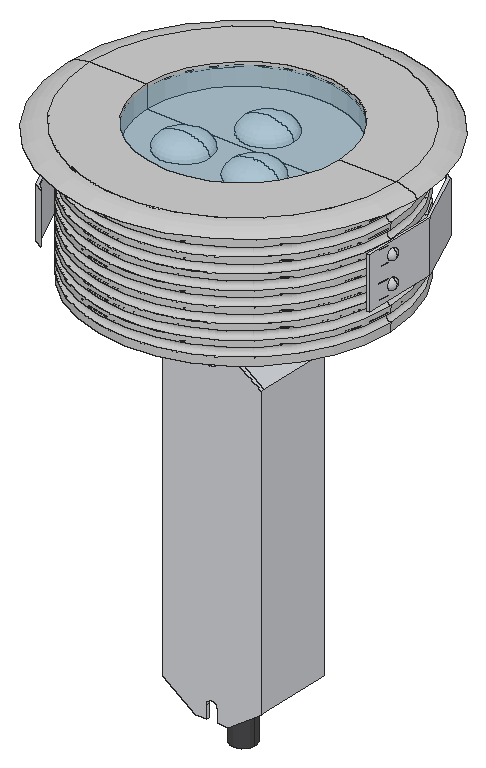
Revit family "SLIM INGROUND 6W SIMETRICO_LKB0326WW.15", category Luminarias, Revit 2019
Family settings
  Cota de conector redondo = Diámetro de uso
  Tipo de pieza = Normal
  Se basa en plano de trabajo = Sí
  Siempre vertical = No
  Corte con vacíos al cargar = No
  Origen de luz = Sí
  Compartido = No
  Punto de cálculo de habitación = No
Parameters (values of type "EMP_LKB0326WW.15")
  Ángulo de inclinación = 30.00°
  Ángulo de enfoque = 15.00°
  Ángulo de campo de foco = 15.00°
  Zone [instance] = ""
  Watt per fixture = 6.2
  Wattage = 6.2 W
  built-in parameter 1150107 = 3000 (stored number, unit not read)
  built-in parameter 1150110 = 1 (stored number, unit not read)
  built-in parameter 1150109 = 1 (stored number, unit not read)
  built-in parameter 1150112 = 1 (stored number, unit not read)
  built-in parameter 1150113 = 1 (stored number, unit not read)
  built-in parameter 1114218 = 1 (stored number, unit not read)
  Keynote = ""
  built-in parameter 1150137 = (empty or 0)
  built-in parameter 1150132 = (empty or 0)
  Modelo = "LKB0326WW.15"
  Lámpara = "OSRAM"
  Longitud de símbolo de origen de luz = 500 mm
  built-in parameter 1150105 = 10001.4 (stored number, unit not read)
  built-in parameter 1150102 = (empty or 0)
  built-in parameter 1150106 = 100.01 (stored number, unit not read)
  Lumens = 387.996 lm
  Color Filter = 16777215
  built-in parameter 1114217 = 1 (stored number, unit not read)
  built-in parameter 1150139 = (empty or 0)
  Fabricante = "BRILLANT"
  Default Elevation = 0 mm
  built-in parameter 1150104 = 5.8139 (stored number, unit not read)
  Descripción = "LUMINARIA TIPO CIRCULAR PARA EMPOTRAR EN PISO CON CUERPO DE ALUMINIO FUNDIDO A PRESION CUBIERTO CON POLVO GRIS OSCURO, CON CUBIERTA DE ACERO INOXIDABLE Y VIDRIO TEMPLADO DE 8MM, CON 116MM DE DIAMETRO Y 38MM DE PROFUNDIDAD, INSTALACION EMPOTRABLE EN PISO CON POCO ESPACIO, USO PARA INTERIORES COMO EXTERIORES CON IP 67, CUENTA CON 3 LED TIPO OSRAM CON UNA POTENCIA TOTAL DE 6.2W, A UNA TEMPERATURA EN BLANCO CALIDO 3000K CON 388 LUMENES, 89mA EN CORRIENTE DE OPERACIÓN, IK08, IRC 80, DISPONIBLE PARA ATENUAR EN TRIAC, APERTURA A 15 GRADOS POR PROYECTO, FUENTE REMOTA (INCLUIDA) CON 97MM DE LARGO POR 25MM DE ALTO POR 33MM DE ANCHO, ALIMENTADA A 100-240V."
  built-in parameter 1150115 = 1 (stored number, unit not read)
  built-in parameter 1150114 = 1 (stored number, unit not read)
  Comentarios de vataje = "100-240V"
  built-in parameter 1150138 = (empty or 0)
  built-in parameter 1150134 = (empty or 0)
  Circuit [instance] = ""
  Dimming Lamp Color Temperature Shift = (empty or 0)
  built-in parameter 1150133 = 10 (stored number, unit not read)
Reference planes
  plane 1 "Centro (Frontal/Posterior)": y = 0
  plane 2: z = 0
  plane 3 "Centro (Izquierda/Derecha)": x = 0
  plane 4: z = -38
  plane 5: z = -43
Forms (mm)
  Revolve 1, solid, material "Acero Inoxidable"
    sketch origin (0, 0, 0) x (1, 0, 0) y (0, 0, 1)
      loop
        line (-32.356, 2.379) -> (-51.186, 2.379)
        arc (-51.186, 2.379) -> (-54.974, 1.769) -> (-58.379, 0) r 12.065
        line (-58.379, 0) -> (-49.379, 0) -> (-49.379, -7.422)
        arc (-49.379, -7.422) -> (-47.881, -8.92) -> (-49.379, -10.419) r 1.499
        line (-49.379, -10.419) -> (-49.379, -12.422)
        arc (-49.379, -12.422) -> (-47.881, -13.92) -> (-49.379, -15.419) r 1.499
        line (-49.379, -15.419) -> (-49.379, -17.422)
        arc (-49.379, -17.422) -> (-47.881, -18.92) -> (-49.379, -20.419) r 1.499
        line (-49.379, -20.419) -> (-49.379, -22.422)
        arc (-49.379, -22.422) -> (-47.881, -23.92) -> (-49.379, -25.419) r 1.499
        line (-49.379, -25.419) -> (-49.379, -27.422)
        arc (-49.379, -27.422) -> (-47.881, -28.92) -> (-49.379, -30.419) r 1.499
        line (-49.379, -30.419) -> (-49.379, -32.422)
        arc (-49.379, -32.422) -> (-47.881, -33.92) -> (-49.379, -35.419) r 1.499
        line (-49.379, -35.419) -> (-49.379, -37.422)
        arc (-49.379, -37.422) -> (-47.881, -38.92) -> (-49.379, -40.419) r 1.499
        line (-49.379, -40.419) -> (-49.379, -43) -> (0, -43) -> (0, -5.045) -> (-32.356, -5.045) -> (-32.356, 2.379)
      axis (0, 2.379) -> (0, -43)
    angle from 0 to 360
  Extrusion 2, solid, material "Cristal"
    sketch origin (0, 0, 0) x (1, 0, 0) y (0, 1, 0)
      loop
        circle (0, 0) r 32.356
    from 0.921 to 1.499
  Revolve 3, solid
    sketch origin (93.878, -10.202, -77.173) x (-1, 0, 0) y (0, 0, 1)
      loop
        line (105.714, 77.128) -> (105.714, 72.128) -> (114.371, 72.128)
        spline (114.371, 72.128) -> (114.297, 72.781) -> (114.076, 73.422) -> (113.712, 74.042) -> (113.211, 74.628) -> (112.582, 75.172) -> (111.835, 75.664) -> (110.984, 76.095) -> (110.043, 76.458) -> (109.027, 76.748) -> (107.955, 76.958) -> (106.844, 77.085) -> (105.714, 77.128)
      axis (105.714, 72.128) -> (105.714, 77.128)
    angle from 0 to 360
  Revolve 4, solid
    sketch origin (-93.878, -10.202, -77.173) x (1, 0, 0) y (0, 0, 1)
      loop
        line (105.714, 77.128) -> (105.714, 72.128) -> (114.371, 72.128)
        spline (114.371, 72.128) -> (114.297, 72.781) -> (114.076, 73.422) -> (113.712, 74.042) -> (113.211, 74.628) -> (112.582, 75.172) -> (111.835, 75.664) -> (110.984, 76.095) -> (110.043, 76.458) -> (109.027, 76.748) -> (107.955, 76.958) -> (106.844, 77.085) -> (105.714, 77.128)
      axis (105.714, 72.128) -> (105.714, 77.128)
    angle from 0 to 360
  Revolve 5, solid
    sketch origin (-105.714, 10.202, -77.173) x (1, 0, 0) y (0, 0, -1)
      loop
        spline (105.714, -77.128) -> (106.844, -77.085) -> (107.955, -76.958) -> (109.027, -76.748) -> (110.043, -76.458) -> (110.984, -76.095) -> (111.835, -75.664) -> (112.582, -75.172) -> (113.211, -74.628) -> (113.712, -74.042) -> (114.076, -73.422) -> (114.297, -72.781) -> (114.371, -72.128)
        line (114.371, -72.128) -> (105.714, -72.128) -> (105.714, -77.128)
      axis (105.714, -72.128) -> (105.714, -77.128)
    angle from 0 to 360
  Extrusion 6, solid
    sketch origin (0, 0, 0) x (1, 0, 0) y (0, 1, 0)
      loop
        line (49.379, -10) -> (50.179, -10) -> (50.179, 15.17) -> (41.455, 34.765) -> (38.597, 36.492) -> (40.785, 34.304) -> (49.379, 15) -> (49.379, -10)
      loop
        line (-49.379, 10) -> (-50.179, 10) -> (-50.179, -15.17) -> (-41.455, -34.765) -> (-38.597, -36.492) -> (-40.785, -34.304) -> (-49.379, -15) -> (-49.379, 10)
    from -32.422 to -15.419
  Revolve 7, solid
    sketch origin (-21.949, -0.827, -124.707) x (0, 0, 1) y (-1, 0, 0)
      loop
        arc (105.714, -73.907) -> (106.972, -73.386) -> (107.494, -72.128) r 1.779
        line (107.494, -72.128) -> (105.714, -72.128) -> (105.714, -73.907)
      axis (105.714, -72.128) -> (105.714, -73.907)
    angle from 0 to 360
  Revolve 8, solid
    sketch origin (-21.949, -0.827, -133.613) x (0, 0, 1) y (-1, 0, 0)
      loop
        arc (105.714, -73.907) -> (106.972, -73.386) -> (107.494, -72.128) r 1.779
        line (107.494, -72.128) -> (105.714, -72.128) -> (105.714, -73.907)
      axis (105.714, -72.128) -> (105.714, -73.907)
    angle from 0 to 360
  Revolve 9, solid
    sketch origin (21.949, -0.827, -124.707) x (0, 0, 1) y (-1, 0, 0)
      loop
        line (105.714, 73.907) -> (105.714, 72.128) -> (107.494, 72.128)
        arc (107.494, 72.128) -> (106.972, 73.386) -> (105.714, 73.907) r 1.779
      axis (105.714, 72.128) -> (105.714, 73.907)
    angle from 0 to 360
  Revolve 10, solid
    sketch origin (21.949, -0.827, -133.613) x (0, 0, 1) y (-1, 0, 0)
      loop
        line (105.714, 73.907) -> (105.714, 72.128) -> (107.494, 72.128)
        arc (107.494, 72.128) -> (106.972, 73.386) -> (105.714, 73.907) r 1.779
      axis (105.714, 72.128) -> (105.714, 73.907)
    angle from 0 to 360
  Extrusion 11, solid
    sketch origin (0, 0, 0) x (1, 0, 0) y (0, 1, 0)
      loop
        line (-16.5, 12.961) -> (-16.5, -12.039) -> (16.5, -12.039) -> (16.5, 12.961) -> (-16.5, 12.961)
    from -163.604 to -66.792
  Extrusion 12, solid, material "Plastico"
    sketch origin (0, 0, 0) x (1, 0, 0) y (0, 1, 0)
      loop
        circle (0, 0) r 3.943
    from -66.792 to -43
  Extrusion 13, solid, material "Plastico"
    sketch origin (0, 0, 0) x (1, 0, 0) y (0, 1, 0)
      loop
        circle (0, 0) r 3.943
    from -183.076 to -163.604
  Extrusion 14, solid
    sketch origin (0, 0, 0) x (1, 0, 0) y (0, 1, 0)
      loop
        line (0, 5) -> (-4.33, 2.5) -> (-4.33, -2.5) -> (0, -5) -> (4.33, -2.5) -> (4.33, 2.5) -> (0, 5)
    from -167.291 to -64.236
  Extrusion 15, solid
    sketch origin (0, 0, 0) x (1, 0, 0) y (0, 0, 1)
      loop
        line (-16.5, -66.792) -> (-16.5, -163.604) -> (-5.388, -171.384) -> (-1.803, -171.384) -> (-1.803, -167.031)
        arc (-1.803, -167.031) -> (0, -165.228) -> (1.803, -167.031) r 1.803
        line (1.803, -167.031) -> (1.803, -171.384) -> (5.388, -171.384) -> (16.5, -163.604) -> (16.5, -66.792) -> (5.388, -59.012) -> (1.803, -59.012) -> (1.803, -63.365)
        arc (1.803, -63.365) -> (0, -65.168) -> (-1.803, -63.365) r 1.803
        line (-1.803, -63.365) -> (-1.803, -59.012) -> (-5.388, -59.012) -> (-16.5, -66.792)
    from 12.039 to 13.095
Cuts and joins
  joined: Extrusion 11, Extrusion 15
Dimensions and locks
  plane 2 to plane 5 = 43 mm
  Revolve 1 sketch curve to Revolve 1 sketch curve = 58.379 mm
  Extrusion 11 to Extrusion 11 = 96.811 mm
  Extrusion 11 to Extrusion 11 = 33 mm
  aligned and locked: level to plane 2
Connectors
  electrical at (0, 0, -183.076)
    settings: on Extrusion 13, index 1, voltage 240 V, apparent load 0 VA, apparent load phase1 0 VA, apparent load phase2 0 VA, apparent load phase3 0 VA, power factor 1, load classification "Otro", number of poles 1, system type 31, power factor state 1, is connector primary yes, connector utility no, sub classification motor no, connector description ""
